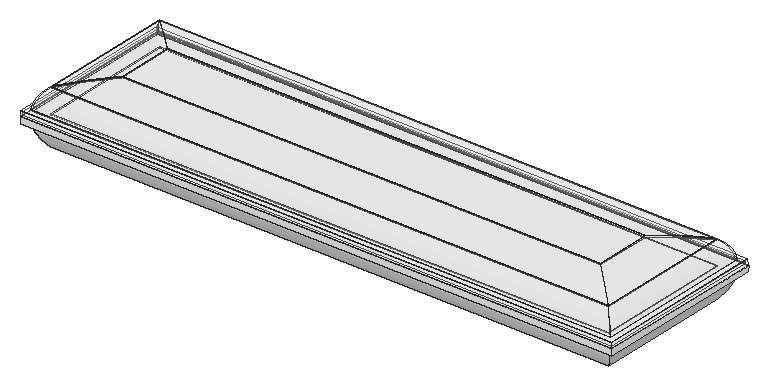
Revit family "LXEW", category Lighting Fixtures, host Face, Revit 2012
Parameters (values of type "LXEW4-40H-W-FA-EU")
  Nominal Watts = 225 W
  Wattage = 225 W
  built-in parameter 1150110 = 1 (stored number, unit not read)
  Voltage = 120 V
  Wattage Comments = ""
  URL = "http://www.columbialighting.com/"
  built-in parameter 1114217 = 1 (stored number, unit not read)
  Tilt Angle = -90.00°
  built-in parameter 1150109 = 1 (stored number, unit not read)
  built-in parameter 1150134 = 12
  built-in parameter 1150113 = 1 (stored number, unit not read)
  Product Page URL = "http://www.columbialighting.com/products/lxew"
  Product Documentation Link = "http://www.columbialighting.com/content/products/specs/specs_files/lxew.pdf"
  Photometric Web File = "LXEW4-40H-W-FA-EU.ies"
  Model = "LXEW"  # constant formula
  Manufacturer Phone = "(864)-678-1000"  # constant formula
  Manufacturer Fax = "(866)-898-1065"  # constant formula
  Manufacturer = "Columbia Lighting"  # constant formula
  Row Length = 4.00 ft
  built-in parameter 1150105 = 1772.6 (stored number, unit not read)
  Lumens = 22275 lm
  built-in parameter 1150115 = 1 (stored number, unit not read)
  Lumen Output = "High Lumen"
  built-in parameter 1150137 = (empty or 0)
  built-in parameter 1150139 = (empty or 0)
  Lens = "Frost Impact Resistant Acrylic (std.)"
  built-in parameter 1150112 = 1 (stored number, unit not read)
  built-in parameter 1150114 = 1 (stored number, unit not read)
  Lamp = "LED Lamp"
  built-in parameter 1150132 = (empty or 0)
  built-in parameter 1150102 = (empty or 0)
  built-in parameter 1150107 = 4000 (stored number, unit not read)
  built-in parameter 1150138 = (empty or 0)
  built-in parameter 1150106 = 17.726 (stored number, unit not read)
  Glass = White Glass
  Emit from Line Length = 2.00 ft
  built-in parameter 1150104 = 9.1974 (stored number, unit not read)
  Driver = "Fixed Output"
  Distribution = "Wide Distribution"
  Dimming Lamp Color Temperature Shift = <None>
  Description = "LXEW Wide-Body Enclosed and Gasketed is as practical as it is flexible with high efficacy LED for low maintenance and energy savings"  # constant formula
  Default Elevation = 4.00 ft
  Color Filter = 16777215
  built-in parameter 1114218 = 1 (stored number, unit not read)
  Backbox = White
  built-in parameter 1150133 = 10 (stored number, unit not read)
  Apparent Load = 0 VA
Types (3, lengths in ft): name | Photometric Web File | Distribution
  (no name) | "LXEW4-40H-W-FA-EU.ies" | "Wide Distribution"
  LXEW4-40H-N-FA-EU | "LXEW4-40H-N-FA-EU.ies" | "Narrow Distribution"
  LXEW4-40H-W-FA-EU | "LXEW4-40H-W-FA-EU.ies" | "Wide Distribution"
Reference planes (ft)
  plane 1 "Center (Front/Back)": y = 0.003333
  plane 2: z = 0
  plane 3 "Center (Left/Right)": x = 0.13912
  plane 4: x = -1.86088
  plane 5: x = 2.13912
Dimensions and locks (ft)
  equal spacing: plane 5, plane 3 "Center (Left/Right)", plane 4
  "Row Length": plane 5 to plane 4
  aligned and locked: plane 2 to host face
  aligned and locked: level to host face
  aligned and locked: plane 3 "Center (Left/Right)" to nested 1
  aligned and locked: plane 4 to nested 1
  aligned and locked: plane 5 to nested 1
  aligned and locked: plane 1 "Center (Front/Back)" to nested 1
  aligned and locked: imposter light to nested 1
  aligned and locked: imposter light to plane 1 "Center (Front/Back)"
  aligned and locked: plane 3 "Center (Left/Right)" to imposter light
Automatic sketch dimensions
  host sketch curve to host sketch curve = 8.00 ft  (x2)
Nested families (ft)
  nested 1: "Industrial Enclosed & Gasketed LED High Bay" at (0.309759, 0, 0), Row Length <- "Row Length", Glass <- "Glass", Backbox <- "Backbox", type "Industrial Enclosed & Gasketed LED High Bay"
    with Row Length 4.00 ft, Glass White Glass, Backbox White
Connectors (ft)
  electrical at (0.13912, 0.003333, 0), driven by "Voltage", driven by "Description"
    settings: on nested 1, index 1, voltage 120 V, apparent load 0 VA, apparent load phase1 0 VA, apparent load phase2 0 VA, apparent load phase3 0 VA, power factor 1, load classification "Other", number of poles 1, system type 30, power factor state 1, is connector primary yes, connector utility no, sub classification motor no, connector description "LXEW Wide-Body Enclosed and Gasketed is as practical as it is flexible with high efficacy LED for low maintenance and energy savings"
Definition of nested family "Industrial Enclosed & Gasketed LED High Bay"
  Parameters (values of type "Industrial Enclosed & Gasketed LED High Bay")
    Wattage Comments = ""
    URL = ""
    Row Length [instance] = 4.00 ft
    Product Page URL = ""
    Product Documentation Link = ""
    Model = ""
    Manufacturer Phone = "(864)-678-1000"  # constant formula
    Manufacturer Fax = "(866)-898-1065"  # constant formula
    Manufacturer = ""
    Lamp = ""
    Glass [instance] = White Glass
    Description = ""
    Default Elevation = 4.00 ft
    Backbox [instance] = White
  Reference planes (ft)
    plane 1 "Center (Front/Back)": y = 0.003333
    plane 2: z = 0
    plane 3 "Center (Left/Right)": x = -0.170639
    plane 4: x = -2.337306
    plane 5: x = 1.996027
    plane 6: y = 0.628333
    plane 7: y = -0.621667
    plane 8: z = 0.5
    plane 9: z = 0.270833
    plane 10: y = 0.586666
    plane 11: y = -0.580001
    plane 12: y = 0.503333
    plane 13: y = -0.496667
    plane 14: x = -2.170639
    plane 15: x = 1.829361
    plane 16: z = 0.458333
    plane 17: z = 0.3125
    plane 18: y = 0.211666
    plane 19: z = 0.491667
    plane 20: z = 0.0625
    plane 21: y = -0.205001
    plane 22: z = 0.229167
  Forms (ft)
    Extrusion 1, solid
      sketch origin (0, 0, 0.005297) x (1, 0, 0) y (0, 1, 0)
        loop
          line (-4, 4) -> (-4, -4) -> (4, -4) -> (4, 4) -> (-4, 4)
      from -0.005297 to -1.478638
    Sweep 2, solid, material "White Glass" <- "Glass"
      path origin (0, 1.902299, 0.270833) x (0, 1, 0) y (-1, 0, 0)
        loop
          line (-1.273966, 2.337306) -> (-2.523966, 2.337306) -> (-2.523966, -1.996027) -> (-1.273966, -1.996027) -> (-1.273966, 2.337306)
      profile origin (-0.170639, 0.628333, 0.270833) x (0, 1, 0) y (0, 0, 1)
        loop
          line (0, 0) -> (0, 0.041667) -> (-0.041667, 0.041667)
          arc (-0.041667, 0.041667) -> (-0.068072, 0.123304) -> (-0.125, 0.1875) r 0.209421
          arc (-0.125, 0.1875) -> (-0.269717, 0.216026) -> (-0.416667, 0.228782) r 1.366082
          line (-0.416667, 0.228782) -> (-0.416667, 0.220445)
          arc (-0.416667, 0.220445) -> (-0.26984, 0.207626) -> (-0.125267, 0.178969) r 1.357749
          arc (-0.125267, 0.178969) -> (-0.072265, 0.114134) -> (-0.050268, 0.033333) r 0.201087
          line (-0.050268, 0.033333) -> (-0.008333, 0.033333) -> (-0.008333, 0.008333) -> (-0.125, 0.008333) -> (-0.125, 0) -> (0, 0)
    Extrusion 3, solid, material "White Glass" <- "Glass"
      sketch origin (0, 1.902299, 0.270833) x (0, 1, 0) y (-1, 0, 0)
        loop
          line (-1.690633, 1.920639) -> (-2.1073, 1.920639) -> (-2.1073, -1.579361) -> (-1.690633, -1.579361) -> (-1.690633, 1.920639)
      from 0.220445 to 0.228782
    Sweep 4, solid, material "White" <- "Backbox"
      path origin (0, 1.902299, 0.270833) x (0, 1, 0) y (-1, 0, 0)
        loop
          line (-1.273966, 2.337306) -> (-2.523966, 2.337306) -> (-2.523966, -1.996027) -> (-1.273966, -1.996027) -> (-1.273966, 2.337306)
      profile origin (-0.170639, 0.628333, 0.270833) x (0, 1, 0) y (0, 0, 1)
        loop
          line (0, 0) -> (-0.416667, 0) -> (-0.416667, -0.270833)
          arc (-0.416667, -0.270833) -> (-0.267222, -0.256438) -> (-0.125, -0.208333) r 0.653863
          arc (-0.125, -0.208333) -> (-0.070945, -0.131194) -> (-0.041667, -0.041667) r 0.320294
          line (-0.041667, -0.041667) -> (0, -0.041667) -> (0, 0)
    Extrusion 5, solid, material "White" <- "Backbox"
      sketch origin (0, 1.902299, 0.270833) x (0, 1, 0) y (-1, 0, 0)
        loop
          line (-1.690633, 1.920639) -> (-2.1073, 1.920639) -> (-2.1073, -1.579361) -> (-1.690633, -1.579361) -> (-1.690633, 1.920639)
      from -0.270833 to 0
  Cuts and joins
    joined: Sweep 2, Extrusion 3
    joined: Sweep 4, Extrusion 5
  Dimensions and locks (ft)
    equal spacing: plane 5, plane 3 "Center (Left/Right)", plane 4
    equal spacing: plane 6, plane 1 "Center (Front/Back)", plane 7
    locked: plane 6 to plane 7 at 1.25
    locked: plane 9 to plane 2 at 0.270833
    locked: plane 8 to plane 2 at 0.5
    equal spacing: plane 10, plane 1 "Center (Front/Back)", plane 11
    locked: plane 6 to plane 10 at 0.041667
    locked: plane 10 to plane 12 at 0.083333
    equal spacing: plane 12, plane 1 "Center (Front/Back)", plane 13
    locked: plane 14 to plane 4 at 0.166667
    equal spacing: plane 15, plane 3 "Center (Left/Right)", plane 14
    locked: plane 17 to plane 9 at 0.041667
    locked: plane 8 to plane 16 at 0.041667
    locked: plane 18 to plane 1 "Center (Front/Back)" at 0.208333
    locked: plane 10 to Sweep 2 sketch curve at 0.0836
    locked: plane 17 to Sweep 2 sketch curve at 0.008333
    locked: plane 10 to Sweep 2 sketch curve at 0.008601
    locked: profile plane to Sweep 2 sketch curve at 0.008333
    locked: Sweep 2 sketch curve to profile plane at 0.008333
    locked: plane 8 to plane 19 at 0.008333
    locked: plane 20 to level at 0.0625
    equal spacing: plane 21, plane 1 "Center (Front/Back)", plane 18
    locked: plane 9 to plane 22 at 0.041667
    "Row Length": plane 15 to plane 14
    aligned and locked: plane 2 to Extrusion 1
    aligned and locked: level to Extrusion 1
    aligned and locked: plane 6 to Sweep 2 sketch curve  (x2)
    aligned and locked: plane 4 to Sweep 2 sketch curve
    aligned and locked: Sweep 2 sketch curve to plane 7
    aligned and locked: Sweep 2 sketch curve to plane 5
    aligned and locked: Sweep 2 sketch curve to plane 18
    aligned and locked: plane 9 to Sweep 2 sketch curve
    aligned and locked: Sweep 2 sketch curve to plane 17
    aligned and locked: plane 10 to Sweep 2 sketch curve
    aligned and locked: plane 16 to Sweep 2 sketch curve
    aligned and locked: plane 12 to Sweep 2 sketch curve
    aligned and locked: plane 17 to Sweep 2 sketch curve
    aligned and locked: plane 18 to Sweep 2 sketch curve
    aligned and locked: Sweep 2 sketch curve to plane 12
    aligned and locked: Extrusion 3 sketch curve to Sweep 2  (x4)
    aligned and locked: Extrusion 3 to Sweep 2  (x2)
    aligned and locked: Sweep 4 sketch curve to cut or joined group of Sweep 2, Extrusion 3  (x4)
    aligned and locked: Sweep 4 sketch curve to profile plane  (x2)
    aligned and locked: Sweep 4 sketch curve to plane 22
    aligned and locked: plane 10 to Sweep 4 sketch curve
    aligned and locked: plane 22 to Sweep 4 sketch curve
    aligned and locked: plane 12 to Sweep 4 sketch curve
    aligned and locked: plane 20 to Sweep 4 sketch curve
    aligned and locked: plane 18 to Sweep 4 sketch curve
    aligned and locked: Sweep 4 sketch curve to plane 18
    aligned and locked: Extrusion 5 sketch curve to cut or joined group of Sweep 2, Extrusion 3  (x4)
    aligned and locked: Extrusion 5 to level
    aligned and locked: plane 9 to Extrusion 5
  Automatic sketch dimensions
    Extrusion 1 sketch curve to Extrusion 1 sketch curve = 8.00 ft  (x2)
    Sweep 2 sketch curve to Sweep 2 sketch curve = 0.00 ft  (x2)
    profile plane to Sweep 2 sketch curve = 0.461164 ft
    plane 9 to Sweep 2 sketch curve = 0.02207 ft
    Sweep 2 sketch curve to Sweep 2 sketch curve = 0.125773 ft
    Sweep 2 sketch curve to Sweep 2 sketch curve = 0.001139 ft
    Sweep 2 sketch curve to plane 9 = 1.136575 ft
    plane 9 to Sweep 4 sketch curve = 0.012046 ft
    Sweep 4 sketch curve to Sweep 4 sketch curve = 0.0468 ft
    Sweep 4 sketch curve to Sweep 4 sketch curve = 0.270833 ft
